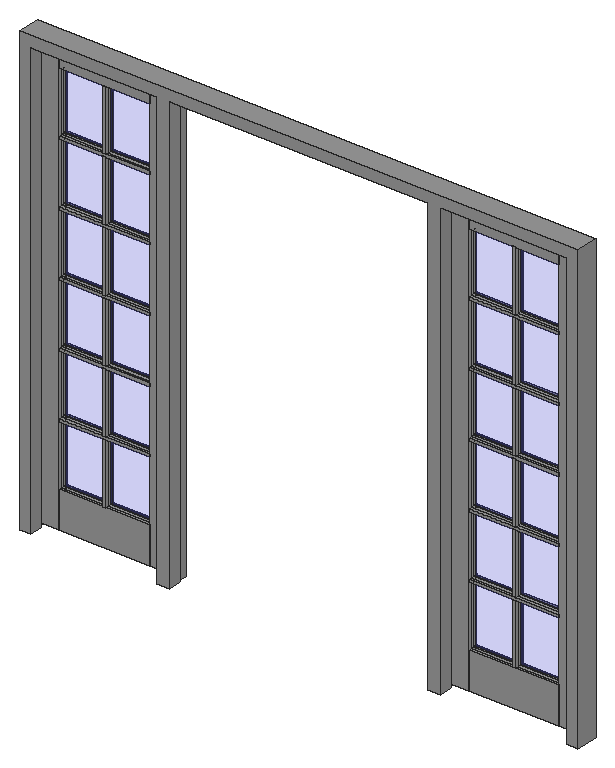
Revit family "VSLF 6 12 6", category Doors, host Wall, Revit 2013
Parameters (values of type "VSLF 6/12/6")
  Function = Interior
  Frame Projection Ext. = 25 mm
  Frame Projection Int. = 25 mm
  Frame Width = 75 mm
  Height = 2090 mm
  Wall Closure = By host
  Width = 2610 mm
Reference planes
  plane 1: y = 0
  plane 2 "Center (Left/Right)": x = 0
  plane 3 "Left": x = -1305
  plane 4 "Right": x = 1305
  plane 5: z = 2090
  plane 6 "Exterior": y = 75
  plane 7 "Interior": y = -75
Forms (mm)
  Sweep 1, solid, material "Lauan, Meranti"
    path origin (0, 75, 0) x (1, 0, 0) y (0, 0, 1)
      loop
        line (1305, 0) -> (1305, 2090) -> (-1305, 2090) -> (-1305, 0)
    profile "105x50 Door Frame : 105x50 Door Frame" origin (1305, 75, 1045) x (-1, 0, 0) y (0, -1, 0)
      loop
        line (0, 22.5) -> (38, 22.5) -> (38, 67.5) -> (50, 67.5) -> (50, 127.5) -> (0, 127.5) -> (0, 22.5)
  Extrusion 2, solid, material "Lauan, Meranti"
    sketch origin (1061.051, 140, 0) x (0, -1, 0) y (0, 0, 1)
      loop
        line (132.5, 20) -> (132.5, 191) -> (102.5, 191) -> (102.5, 200) -> (100.5, 200) -> (100.5, 198)
        arc (100.5, 198) -> (96.134, 195.67) -> (94.5, 191) r 6.807
        line (94.5, 191) -> (92.5, 191) -> (92.5, 20) -> (132.5, 20)
      loop
        line (102.5, 1956) -> (132.5, 1956) -> (132.5, 2052) -> (92.5, 2052) -> (92.5, 1956) -> (94.5, 1956)
        arc (94.5, 1956) -> (96.134, 1951.33) -> (100.5, 1949) r 6.807
        line (100.5, 1949) -> (100.5, 1947) -> (102.5, 1947) -> (102.5, 1956)
    from -109.949 to 314.051
  Extrusion 3, solid, material "Lauan, Meranti"
    sketch origin (1269, 55, 0) x (-1, 0, 0) y (0, -1, 0)
      loop
        line (522, 17.5) -> (513, 17.5) -> (513, 15.5) -> (515, 15.5)
        arc (515, 15.5) -> (517.33, 11.134) -> (522, 9.5) r 6.807
        line (522, 9.5) -> (522, 7.5) -> (618, 7.5) -> (618, 47.5) -> (522, 47.5) -> (522, 17.5)
      loop
        line (98, 17.5) -> (98, 47.5) -> (2, 47.5) -> (2, 7.5) -> (98, 7.5) -> (98, 9.5)
        arc (98, 9.5) -> (102.67, 11.134) -> (105, 15.5) r 6.807
        line (105, 15.5) -> (107, 15.5) -> (107, 17.5) -> (98, 17.5)
    from 20 to 2052
  Extrusion 4, solid, material "Lauan, Meranti"
    sketch origin (1269, 55, 1439.918) x (-1, 0, 0) y (0, -1, 0)
      loop
        line (294.5, 17.5) -> (294.5, 15.5) -> (296.5, 15.5)
        arc (296.5, 15.5) -> (298.83, 11.134) -> (303.5, 9.5) r 6.807
        line (303.5, 9.5) -> (303.5, 7.5) -> (316.5, 7.5) -> (316.5, 9.5)
        arc (316.5, 9.5) -> (321.17, 11.134) -> (323.5, 15.5) r 6.807
        line (323.5, 15.5) -> (325.5, 15.5) -> (325.5, 17.5) -> (316.5, 17.5) -> (316.5, 47.5) -> (303.5, 47.5) -> (303.5, 17.5) -> (294.5, 17.5)
    from 232.749 to 516.082
  Extrusion 5, solid, material "Lauan, Meranti"
    sketch origin (1269, 55, 0) x (0, -1, 0) y (0, 0, 1)
      loop
        line (17.5, 1650.667) -> (17.5, 1659.667) -> (47.5, 1659.667) -> (47.5, 1672.667) -> (17.5, 1672.667) -> (17.5, 1681.667) -> (15.5, 1681.667) -> (15.5, 1679.667)
        arc (15.5, 1679.667) -> (11.134, 1677.337) -> (9.5, 1672.667) r 6.807
        line (9.5, 1672.667) -> (7.5, 1672.667) -> (7.5, 1659.667) -> (9.5, 1659.667)
        arc (9.5, 1659.667) -> (11.134, 1654.996) -> (15.5, 1652.667) r 6.807
        line (15.5, 1652.667) -> (15.5, 1650.667) -> (17.5, 1650.667)
    from 98 to 522
  Extrusion 6, solid, material "Lauan, Meranti"
    sketch origin (1269, 55, 1143.584) x (-1, 0, 0) y (0, -1, 0)
      loop
        line (294.5, 17.5) -> (294.5, 15.5) -> (296.5, 15.5)
        arc (296.5, 15.5) -> (298.83, 11.134) -> (303.5, 9.5) r 6.807
        line (303.5, 9.5) -> (303.5, 7.5) -> (316.5, 7.5) -> (316.5, 9.5)
        arc (316.5, 9.5) -> (321.17, 11.134) -> (323.5, 15.5) r 6.807
        line (323.5, 15.5) -> (325.5, 15.5) -> (325.5, 17.5) -> (316.5, 17.5) -> (316.5, 47.5) -> (303.5, 47.5) -> (303.5, 17.5) -> (294.5, 17.5)
    from 232.749 to 516.082
  Extrusion 7, solid, material "Lauan, Meranti"
    sketch origin (1269, 55, 847.251) x (-1, 0, 0) y (0, -1, 0)
      loop
        line (294.5, 17.5) -> (294.5, 15.5) -> (296.5, 15.5)
        arc (296.5, 15.5) -> (298.83, 11.134) -> (303.5, 9.5) r 6.807
        line (303.5, 9.5) -> (303.5, 7.5) -> (316.5, 7.5) -> (316.5, 9.5)
        arc (316.5, 9.5) -> (321.17, 11.134) -> (323.5, 15.5) r 6.807
        line (323.5, 15.5) -> (325.5, 15.5) -> (325.5, 17.5) -> (316.5, 17.5) -> (316.5, 47.5) -> (303.5, 47.5) -> (303.5, 17.5) -> (294.5, 17.5)
    from 232.749 to 516.082
  Extrusion 8, solid, material "Lauan, Meranti"
    sketch origin (1269, 55, 550.918) x (-1, 0, 0) y (0, -1, 0)
      loop
        line (294.5, 17.5) -> (294.5, 15.5) -> (296.5, 15.5)
        arc (296.5, 15.5) -> (298.83, 11.134) -> (303.5, 9.5) r 6.807
        line (303.5, 9.5) -> (303.5, 7.5) -> (316.5, 7.5) -> (316.5, 9.5)
        arc (316.5, 9.5) -> (321.17, 11.134) -> (323.5, 15.5) r 6.807
        line (323.5, 15.5) -> (325.5, 15.5) -> (325.5, 17.5) -> (316.5, 17.5) -> (316.5, 47.5) -> (303.5, 47.5) -> (303.5, 17.5) -> (294.5, 17.5)
    from 232.749 to 516.082
  Extrusion 9, solid, material "Lauan, Meranti"
    sketch origin (1269, 55, 254.584) x (-1, 0, 0) y (0, -1, 0)
      loop
        line (294.5, 17.5) -> (294.5, 15.5) -> (296.5, 15.5)
        arc (296.5, 15.5) -> (298.83, 11.134) -> (303.5, 9.5) r 6.807
        line (303.5, 9.5) -> (303.5, 7.5) -> (316.5, 7.5) -> (316.5, 9.5)
        arc (316.5, 9.5) -> (321.17, 11.134) -> (323.5, 15.5) r 6.807
        line (323.5, 15.5) -> (325.5, 15.5) -> (325.5, 17.5) -> (316.5, 17.5) -> (316.5, 47.5) -> (303.5, 47.5) -> (303.5, 17.5) -> (294.5, 17.5)
    from 232.749 to 516.082
  Extrusion 10, solid, material "Lauan, Meranti"
    sketch origin (1269, 55, -41.749) x (-1, 0, 0) y (0, -1, 0)
      loop
        line (294.5, 17.5) -> (294.5, 15.5) -> (296.5, 15.5)
        arc (296.5, 15.5) -> (298.83, 11.134) -> (303.5, 9.5) r 6.807
        line (303.5, 9.5) -> (303.5, 7.5) -> (316.5, 7.5) -> (316.5, 9.5)
        arc (316.5, 9.5) -> (321.17, 11.134) -> (323.5, 15.5) r 6.807
        line (323.5, 15.5) -> (325.5, 15.5) -> (325.5, 17.5) -> (316.5, 17.5) -> (316.5, 47.5) -> (303.5, 47.5) -> (303.5, 17.5) -> (294.5, 17.5)
    from 232.749 to 516.082
  Extrusion 11, solid, material "Glass"
    sketch origin (1269, -20, -1481.667) x (-1, 0, 0) y (0, 0, 1)
      loop
        line (522, 1956) -> (316.5, 1956) -> (316.5, 1672.667) -> (522, 1672.667) -> (522, 1956)
    from 49.5 to 57.5
  Extrusion 12, solid, material "Glass"
    sketch origin (1484.5, -20, -1481.667) x (-1, 0, 0) y (0, 0, 1)
      loop
        line (519, 1956) -> (313.5, 1956) -> (313.5, 1672.667) -> (519, 1672.667) -> (519, 1956)
    from 49.5 to 57.5
  Sweep 13, solid, material "Lauan, Meranti"
    path origin (1269, -20, -1481.656) x (-1, 0, 0) y (0, 0, 1)
      loop
        line (522, 1956) -> (316.5, 1956) -> (316.5, 1672.667) -> (522, 1672.667) -> (522, 1956)
    profile origin (849.75, -20, 474.344) x (0, 0, -1) y (0, 1, 0)
      loop
        line (9, 49.5) -> (0, 49.5) -> (0, 41.5)
        arc (0, 41.5) -> (4.67, 43.134) -> (7, 47.5) r 6.807
        line (7, 47.5) -> (9, 47.5) -> (9, 49.5)
  Sweep 14, solid, material "Lauan, Meranti"
    path origin (1484.5, -20, -1481.656) x (-1, 0, 0) y (0, 0, 1)
      loop
        line (519, 1956) -> (313.5, 1956) -> (313.5, 1672.667) -> (519, 1672.667) -> (519, 1956)
    profile origin (1068.25, -20, 474.344) x (0, 0, -1) y (0, 1, 0)
      loop
        line (9, 49.5) -> (0, 49.5) -> (0, 41.5)
        arc (0, 41.5) -> (4.67, 43.134) -> (7, 47.5) r 6.807
        line (7, 47.5) -> (9, 47.5) -> (9, 49.5)
  Extrusion 15, solid, material "Lauan, Meranti"
    sketch origin (97, 0, 0) x (1, 0, 0) y (0, 1, 0)
      loop
        line (-760, -52.5) -> (-700, -52.5) -> (-700, 7.5) -> (-712, 7.5) -> (-712, 52.5) -> (-748, 52.5) -> (-748, 7.5) -> (-760, 7.5) -> (-760, -52.5)
    from 0 to 2052
  Extrusion 16, solid, material "Lauan, Meranti"
    sketch origin (-97, 0, 0) x (-1, 0, 0) y (0, -1, 0)
      loop
        line (-760, 52.5) -> (-760, -7.5) -> (-748, -7.5) -> (-748, -52.5) -> (-712, -52.5) -> (-712, -7.5) -> (-700, -7.5) -> (-700, 52.5) -> (-760, 52.5)
    from 0 to 2052
  Extrusion 17, solid, material "Lauan, Meranti"
    sketch origin (1269, 55, -296.333) x (0, -1, 0) y (0, 0, 1)
      loop
        line (17.5, 1650.667) -> (17.5, 1659.667) -> (47.5, 1659.667) -> (47.5, 1672.667) -> (17.5, 1672.667) -> (17.5, 1681.667) -> (15.5, 1681.667) -> (15.5, 1679.667)
        arc (15.5, 1679.667) -> (11.134, 1677.337) -> (9.5, 1672.667) r 6.807
        line (9.5, 1672.667) -> (7.5, 1672.667) -> (7.5, 1659.667) -> (9.5, 1659.667)
        arc (9.5, 1659.667) -> (11.134, 1654.996) -> (15.5, 1652.667) r 6.807
        line (15.5, 1652.667) -> (15.5, 1650.667) -> (17.5, 1650.667)
    from 98 to 522
  Extrusion 18, solid, material "Lauan, Meranti"
    sketch origin (1269, 55, -592.667) x (0, -1, 0) y (0, 0, 1)
      loop
        line (17.5, 1650.667) -> (17.5, 1659.667) -> (47.5, 1659.667) -> (47.5, 1672.667) -> (17.5, 1672.667) -> (17.5, 1681.667) -> (15.5, 1681.667) -> (15.5, 1679.667)
        arc (15.5, 1679.667) -> (11.134, 1677.337) -> (9.5, 1672.667) r 6.807
        line (9.5, 1672.667) -> (7.5, 1672.667) -> (7.5, 1659.667) -> (9.5, 1659.667)
        arc (9.5, 1659.667) -> (11.134, 1654.996) -> (15.5, 1652.667) r 6.807
        line (15.5, 1652.667) -> (15.5, 1650.667) -> (17.5, 1650.667)
    from 98 to 522
  Extrusion 19, solid, material "Lauan, Meranti"
    sketch origin (1269, 55, -889) x (0, -1, 0) y (0, 0, 1)
      loop
        line (17.5, 1650.667) -> (17.5, 1659.667) -> (47.5, 1659.667) -> (47.5, 1672.667) -> (17.5, 1672.667) -> (17.5, 1681.667) -> (15.5, 1681.667) -> (15.5, 1679.667)
        arc (15.5, 1679.667) -> (11.134, 1677.337) -> (9.5, 1672.667) r 6.807
        line (9.5, 1672.667) -> (7.5, 1672.667) -> (7.5, 1659.667) -> (9.5, 1659.667)
        arc (9.5, 1659.667) -> (11.134, 1654.996) -> (15.5, 1652.667) r 6.807
        line (15.5, 1652.667) -> (15.5, 1650.667) -> (17.5, 1650.667)
    from 98 to 522
  Extrusion 20, solid, material "Lauan, Meranti"
    sketch origin (1269, 55, -1185.333) x (0, -1, 0) y (0, 0, 1)
      loop
        line (17.5, 1650.667) -> (17.5, 1659.667) -> (47.5, 1659.667) -> (47.5, 1672.667) -> (17.5, 1672.667) -> (17.5, 1681.667) -> (15.5, 1681.667) -> (15.5, 1679.667)
        arc (15.5, 1679.667) -> (11.134, 1677.337) -> (9.5, 1672.667) r 6.807
        line (9.5, 1672.667) -> (7.5, 1672.667) -> (7.5, 1659.667) -> (9.5, 1659.667)
        arc (9.5, 1659.667) -> (11.134, 1654.996) -> (15.5, 1652.667) r 6.807
        line (15.5, 1652.667) -> (15.5, 1650.667) -> (17.5, 1650.667)
    from 98 to 522
  Extrusion 21, solid, material "Glass"
    sketch origin (1269, -20, -1185.333) x (-1, 0, 0) y (0, 0, 1)
      loop
        line (522, 1956) -> (316.5, 1956) -> (316.5, 1672.667) -> (522, 1672.667) -> (522, 1956)
    from 49.5 to 57.5
  Extrusion 22, solid, material "Glass"
    sketch origin (1484.5, -20, -1185.333) x (-1, 0, 0) y (0, 0, 1)
      loop
        line (519, 1956) -> (313.5, 1956) -> (313.5, 1672.667) -> (519, 1672.667) -> (519, 1956)
    from 49.5 to 57.5
  Extrusion 23, solid, material "Glass"
    sketch origin (1269, -20, -889) x (-1, 0, 0) y (0, 0, 1)
      loop
        line (522, 1956) -> (316.5, 1956) -> (316.5, 1672.667) -> (522, 1672.667) -> (522, 1956)
    from 49.5 to 57.5
  Extrusion 24, solid, material "Glass"
    sketch origin (1484.5, -20, -889) x (-1, 0, 0) y (0, 0, 1)
      loop
        line (519, 1956) -> (313.5, 1956) -> (313.5, 1672.667) -> (519, 1672.667) -> (519, 1956)
    from 49.5 to 57.5
  Extrusion 25, solid, material "Glass"
    sketch origin (1269, -20, -592.667) x (-1, 0, 0) y (0, 0, 1)
      loop
        line (522, 1956) -> (316.5, 1956) -> (316.5, 1672.667) -> (522, 1672.667) -> (522, 1956)
    from 49.5 to 57.5
  Extrusion 26, solid, material "Glass"
    sketch origin (1484.5, -20, -592.667) x (-1, 0, 0) y (0, 0, 1)
      loop
        line (519, 1956) -> (313.5, 1956) -> (313.5, 1672.667) -> (519, 1672.667) -> (519, 1956)
    from 49.5 to 57.5
  Extrusion 27, solid, material "Glass"
    sketch origin (1269, -20, -296.333) x (-1, 0, 0) y (0, 0, 1)
      loop
        line (522, 1956) -> (316.5, 1956) -> (316.5, 1672.667) -> (522, 1672.667) -> (522, 1956)
    from 49.5 to 57.5
  Extrusion 28, solid, material "Glass"
    sketch origin (1484.5, -20, -296.333) x (-1, 0, 0) y (0, 0, 1)
      loop
        line (519, 1956) -> (313.5, 1956) -> (313.5, 1672.667) -> (519, 1672.667) -> (519, 1956)
    from 49.5 to 57.5
  Extrusion 29, solid, material "Glass"
    sketch origin (1269, -20, 0) x (-1, 0, 0) y (0, 0, 1)
      loop
        line (522, 1956) -> (316.5, 1956) -> (316.5, 1672.667) -> (522, 1672.667) -> (522, 1956)
    from 49.5 to 57.5
  Extrusion 30, solid, material "Glass"
    sketch origin (1484.5, -20, 0) x (-1, 0, 0) y (0, 0, 1)
      loop
        line (519, 1956) -> (313.5, 1956) -> (313.5, 1672.667) -> (519, 1672.667) -> (519, 1956)
    from 49.5 to 57.5
  Sweep 31, solid, material "Lauan, Meranti"
    path origin (1269, -20, -1185.322) x (-1, 0, 0) y (0, 0, 1)
      loop
        line (522, 1956) -> (316.5, 1956) -> (316.5, 1672.667) -> (522, 1672.667) -> (522, 1956)
    profile origin (849.75, -20, 770.678) x (0, 0, -1) y (0, 1, 0)
      loop
        line (9, 49.5) -> (0, 49.5) -> (0, 41.5)
        arc (0, 41.5) -> (4.67, 43.134) -> (7, 47.5) r 6.807
        line (7, 47.5) -> (9, 47.5) -> (9, 49.5)
  Sweep 32, solid, material "Lauan, Meranti"
    path origin (1484.5, -20, -1185.322) x (-1, 0, 0) y (0, 0, 1)
      loop
        line (519, 1956) -> (313.5, 1956) -> (313.5, 1672.667) -> (519, 1672.667) -> (519, 1956)
    profile origin (1068.25, -20, 770.678) x (0, 0, -1) y (0, 1, 0)
      loop
        line (9, 49.5) -> (0, 49.5) -> (0, 41.5)
        arc (0, 41.5) -> (4.67, 43.134) -> (7, 47.5) r 6.807
        line (7, 47.5) -> (9, 47.5) -> (9, 49.5)
  Sweep 33, solid, material "Lauan, Meranti"
    path origin (1269, -20, -888.989) x (-1, 0, 0) y (0, 0, 1)
      loop
        line (522, 1956) -> (316.5, 1956) -> (316.5, 1672.667) -> (522, 1672.667) -> (522, 1956)
    profile origin (849.75, -20, 1067.011) x (0, 0, -1) y (0, 1, 0)
      loop
        line (9, 49.5) -> (0, 49.5) -> (0, 41.5)
        arc (0, 41.5) -> (4.67, 43.134) -> (7, 47.5) r 6.807
        line (7, 47.5) -> (9, 47.5) -> (9, 49.5)
  Sweep 34, solid, material "Lauan, Meranti"
    path origin (1484.5, -20, -888.989) x (-1, 0, 0) y (0, 0, 1)
      loop
        line (519, 1956) -> (313.5, 1956) -> (313.5, 1672.667) -> (519, 1672.667) -> (519, 1956)
    profile origin (1068.25, -20, 1067.011) x (0, 0, -1) y (0, 1, 0)
      loop
        line (9, 49.5) -> (0, 49.5) -> (0, 41.5)
        arc (0, 41.5) -> (4.67, 43.134) -> (7, 47.5) r 6.807
        line (7, 47.5) -> (9, 47.5) -> (9, 49.5)
  Sweep 35, solid, material "Lauan, Meranti"
    path origin (1269, -20, -592.656) x (-1, 0, 0) y (0, 0, 1)
      loop
        line (522, 1956) -> (316.5, 1956) -> (316.5, 1672.667) -> (522, 1672.667) -> (522, 1956)
    profile origin (849.75, -20, 1363.344) x (0, 0, -1) y (0, 1, 0)
      loop
        line (9, 49.5) -> (0, 49.5) -> (0, 41.5)
        arc (0, 41.5) -> (4.67, 43.134) -> (7, 47.5) r 6.807
        line (7, 47.5) -> (9, 47.5) -> (9, 49.5)
  Sweep 36, solid, material "Lauan, Meranti"
    path origin (1484.5, -20, -592.656) x (-1, 0, 0) y (0, 0, 1)
      loop
        line (519, 1956) -> (313.5, 1956) -> (313.5, 1672.667) -> (519, 1672.667) -> (519, 1956)
    profile origin (1068.25, -20, 1363.344) x (0, 0, -1) y (0, 1, 0)
      loop
        line (9, 49.5) -> (0, 49.5) -> (0, 41.5)
        arc (0, 41.5) -> (4.67, 43.134) -> (7, 47.5) r 6.807
        line (7, 47.5) -> (9, 47.5) -> (9, 49.5)
  Sweep 37, solid, material "Lauan, Meranti"
    path origin (1269, -20, -296.322) x (-1, 0, 0) y (0, 0, 1)
      loop
        line (522, 1956) -> (316.5, 1956) -> (316.5, 1672.667) -> (522, 1672.667) -> (522, 1956)
    profile origin (849.75, -20, 1659.678) x (0, 0, -1) y (0, 1, 0)
      loop
        line (9, 49.5) -> (0, 49.5) -> (0, 41.5)
        arc (0, 41.5) -> (4.67, 43.134) -> (7, 47.5) r 6.807
        line (7, 47.5) -> (9, 47.5) -> (9, 49.5)
  Sweep 38, solid, material "Lauan, Meranti"
    path origin (1484.5, -20, -296.322) x (-1, 0, 0) y (0, 0, 1)
      loop
        line (519, 1956) -> (313.5, 1956) -> (313.5, 1672.667) -> (519, 1672.667) -> (519, 1956)
    profile origin (1068.25, -20, 1659.678) x (0, 0, -1) y (0, 1, 0)
      loop
        line (9, 49.5) -> (0, 49.5) -> (0, 41.5)
        arc (0, 41.5) -> (4.67, 43.134) -> (7, 47.5) r 6.807
        line (7, 47.5) -> (9, 47.5) -> (9, 49.5)
  Sweep 39, solid, material "Lauan, Meranti"
    path origin (1269, -20, 0.011) x (-1, 0, 0) y (0, 0, 1)
      loop
        line (522, 1956) -> (316.5, 1956) -> (316.5, 1672.667) -> (522, 1672.667) -> (522, 1956)
    profile origin (849.75, -20, 1956.011) x (0, 0, -1) y (0, 1, 0)
      loop
        line (9, 49.5) -> (0, 49.5) -> (0, 41.5)
        arc (0, 41.5) -> (4.67, 43.134) -> (7, 47.5) r 6.807
        line (7, 47.5) -> (9, 47.5) -> (9, 49.5)
  Sweep 40, solid, material "Lauan, Meranti"
    path origin (1484.5, -20, 0.011) x (-1, 0, 0) y (0, 0, 1)
      loop
        line (519, 1956) -> (313.5, 1956) -> (313.5, 1672.667) -> (519, 1672.667) -> (519, 1956)
    profile origin (1068.25, -20, 1956.011) x (0, 0, -1) y (0, 1, 0)
      loop
        line (9, 49.5) -> (0, 49.5) -> (0, 41.5)
        arc (0, 41.5) -> (4.67, 43.134) -> (7, 47.5) r 6.807
        line (7, 47.5) -> (9, 47.5) -> (9, 49.5)
  Extrusion 41, solid, material "Lauan, Meranti"
    sketch origin (-856.949, 140, 0) x (0, -1, 0) y (0, 0, 1)
      loop
        line (132.5, 20) -> (132.5, 191) -> (102.5, 191) -> (102.5, 200) -> (100.5, 200) -> (100.5, 198)
        arc (100.5, 198) -> (96.134, 195.67) -> (94.5, 191) r 6.807
        line (94.5, 191) -> (92.5, 191) -> (92.5, 20) -> (132.5, 20)
      loop
        line (102.5, 1956) -> (132.5, 1956) -> (132.5, 2052) -> (92.5, 2052) -> (92.5, 1956) -> (94.5, 1956)
        arc (94.5, 1956) -> (96.134, 1951.33) -> (100.5, 1949) r 6.807
        line (100.5, 1949) -> (100.5, 1947) -> (102.5, 1947) -> (102.5, 1956)
    from -109.949 to 314.051
  Extrusion 42, solid, material "Lauan, Meranti"
    sketch origin (-649, 55, 0) x (-1, 0, 0) y (0, -1, 0)
      loop
        line (522, 17.5) -> (513, 17.5) -> (513, 15.5) -> (515, 15.5)
        arc (515, 15.5) -> (517.33, 11.134) -> (522, 9.5) r 6.807
        line (522, 9.5) -> (522, 7.5) -> (618, 7.5) -> (618, 47.5) -> (522, 47.5) -> (522, 17.5)
      loop
        line (98, 17.5) -> (98, 47.5) -> (2, 47.5) -> (2, 7.5) -> (98, 7.5) -> (98, 9.5)
        arc (98, 9.5) -> (102.67, 11.134) -> (105, 15.5) r 6.807
        line (105, 15.5) -> (107, 15.5) -> (107, 17.5) -> (98, 17.5)
    from 20 to 2052
  Extrusion 43, solid, material "Lauan, Meranti"
    sketch origin (-649, 55, 1439.918) x (-1, 0, 0) y (0, -1, 0)
      loop
        line (294.5, 17.5) -> (294.5, 15.5) -> (296.5, 15.5)
        arc (296.5, 15.5) -> (298.83, 11.134) -> (303.5, 9.5) r 6.807
        line (303.5, 9.5) -> (303.5, 7.5) -> (316.5, 7.5) -> (316.5, 9.5)
        arc (316.5, 9.5) -> (321.17, 11.134) -> (323.5, 15.5) r 6.807
        line (323.5, 15.5) -> (325.5, 15.5) -> (325.5, 17.5) -> (316.5, 17.5) -> (316.5, 47.5) -> (303.5, 47.5) -> (303.5, 17.5) -> (294.5, 17.5)
    from 232.749 to 516.082
  Extrusion 44, solid, material "Lauan, Meranti"
    sketch origin (-649, 55, 0) x (0, -1, 0) y (0, 0, 1)
      loop
        line (17.5, 1650.667) -> (17.5, 1659.667) -> (47.5, 1659.667) -> (47.5, 1672.667) -> (17.5, 1672.667) -> (17.5, 1681.667) -> (15.5, 1681.667) -> (15.5, 1679.667)
        arc (15.5, 1679.667) -> (11.134, 1677.337) -> (9.5, 1672.667) r 6.807
        line (9.5, 1672.667) -> (7.5, 1672.667) -> (7.5, 1659.667) -> (9.5, 1659.667)
        arc (9.5, 1659.667) -> (11.134, 1654.996) -> (15.5, 1652.667) r 6.807
        line (15.5, 1652.667) -> (15.5, 1650.667) -> (17.5, 1650.667)
    from 98 to 522
  Extrusion 45, solid, material "Lauan, Meranti"
    sketch origin (-649, 55, 1143.584) x (-1, 0, 0) y (0, -1, 0)
      loop
        line (294.5, 17.5) -> (294.5, 15.5) -> (296.5, 15.5)
        arc (296.5, 15.5) -> (298.83, 11.134) -> (303.5, 9.5) r 6.807
        line (303.5, 9.5) -> (303.5, 7.5) -> (316.5, 7.5) -> (316.5, 9.5)
        arc (316.5, 9.5) -> (321.17, 11.134) -> (323.5, 15.5) r 6.807
        line (323.5, 15.5) -> (325.5, 15.5) -> (325.5, 17.5) -> (316.5, 17.5) -> (316.5, 47.5) -> (303.5, 47.5) -> (303.5, 17.5) -> (294.5, 17.5)
    from 232.749 to 516.082
  Extrusion 46, solid, material "Lauan, Meranti"
    sketch origin (-649, 55, 847.251) x (-1, 0, 0) y (0, -1, 0)
      loop
        line (294.5, 17.5) -> (294.5, 15.5) -> (296.5, 15.5)
        arc (296.5, 15.5) -> (298.83, 11.134) -> (303.5, 9.5) r 6.807
        line (303.5, 9.5) -> (303.5, 7.5) -> (316.5, 7.5) -> (316.5, 9.5)
        arc (316.5, 9.5) -> (321.17, 11.134) -> (323.5, 15.5) r 6.807
        line (323.5, 15.5) -> (325.5, 15.5) -> (325.5, 17.5) -> (316.5, 17.5) -> (316.5, 47.5) -> (303.5, 47.5) -> (303.5, 17.5) -> (294.5, 17.5)
    from 232.749 to 516.082
  Extrusion 47, solid, material "Lauan, Meranti"
    sketch origin (-649, 55, 550.918) x (-1, 0, 0) y (0, -1, 0)
      loop
        line (294.5, 17.5) -> (294.5, 15.5) -> (296.5, 15.5)
        arc (296.5, 15.5) -> (298.83, 11.134) -> (303.5, 9.5) r 6.807
        line (303.5, 9.5) -> (303.5, 7.5) -> (316.5, 7.5) -> (316.5, 9.5)
        arc (316.5, 9.5) -> (321.17, 11.134) -> (323.5, 15.5) r 6.807
        line (323.5, 15.5) -> (325.5, 15.5) -> (325.5, 17.5) -> (316.5, 17.5) -> (316.5, 47.5) -> (303.5, 47.5) -> (303.5, 17.5) -> (294.5, 17.5)
    from 232.749 to 516.082
  Extrusion 48, solid, material "Lauan, Meranti"
    sketch origin (-649, 55, 254.584) x (-1, 0, 0) y (0, -1, 0)
      loop
        line (294.5, 17.5) -> (294.5, 15.5) -> (296.5, 15.5)
        arc (296.5, 15.5) -> (298.83, 11.134) -> (303.5, 9.5) r 6.807
        line (303.5, 9.5) -> (303.5, 7.5) -> (316.5, 7.5) -> (316.5, 9.5)
        arc (316.5, 9.5) -> (321.17, 11.134) -> (323.5, 15.5) r 6.807
        line (323.5, 15.5) -> (325.5, 15.5) -> (325.5, 17.5) -> (316.5, 17.5) -> (316.5, 47.5) -> (303.5, 47.5) -> (303.5, 17.5) -> (294.5, 17.5)
    from 232.749 to 516.082
  Extrusion 49, solid, material "Lauan, Meranti"
    sketch origin (-649, 55, -41.749) x (-1, 0, 0) y (0, -1, 0)
      loop
        line (294.5, 17.5) -> (294.5, 15.5) -> (296.5, 15.5)
        arc (296.5, 15.5) -> (298.83, 11.134) -> (303.5, 9.5) r 6.807
        line (303.5, 9.5) -> (303.5, 7.5) -> (316.5, 7.5) -> (316.5, 9.5)
        arc (316.5, 9.5) -> (321.17, 11.134) -> (323.5, 15.5) r 6.807
        line (323.5, 15.5) -> (325.5, 15.5) -> (325.5, 17.5) -> (316.5, 17.5) -> (316.5, 47.5) -> (303.5, 47.5) -> (303.5, 17.5) -> (294.5, 17.5)
    from 232.749 to 516.082
  Extrusion 50, solid, material "Glass"
    sketch origin (-649, -20, -1481.667) x (-1, 0, 0) y (0, 0, 1)
      loop
        line (522, 1956) -> (316.5, 1956) -> (316.5, 1672.667) -> (522, 1672.667) -> (522, 1956)
    from 49.5 to 57.5
  Extrusion 51, solid, material "Glass"
    sketch origin (-433.5, -20, -1481.667) x (-1, 0, 0) y (0, 0, 1)
      loop
        line (519, 1956) -> (313.5, 1956) -> (313.5, 1672.667) -> (519, 1672.667) -> (519, 1956)
    from 49.5 to 57.5
  Sweep 52, solid, material "Lauan, Meranti"
    path origin (-649, -20, -1481.656) x (-1, 0, 0) y (0, 0, 1)
      loop
        line (522, 1956) -> (316.5, 1956) -> (316.5, 1672.667) -> (522, 1672.667) -> (522, 1956)
    profile origin (-1068.25, -20, 474.344) x (0, 0, -1) y (0, 1, 0)
      loop
        line (9, 49.5) -> (0, 49.5) -> (0, 41.5)
        arc (0, 41.5) -> (4.67, 43.134) -> (7, 47.5) r 6.807
        line (7, 47.5) -> (9, 47.5) -> (9, 49.5)
  Sweep 53, solid, material "Lauan, Meranti"
    path origin (-433.5, -20, -1481.656) x (-1, 0, 0) y (0, 0, 1)
      loop
        line (519, 1956) -> (313.5, 1956) -> (313.5, 1672.667) -> (519, 1672.667) -> (519, 1956)
    profile origin (-849.75, -20, 474.344) x (0, 0, -1) y (0, 1, 0)
      loop
        line (9, 49.5) -> (0, 49.5) -> (0, 41.5)
        arc (0, 41.5) -> (4.67, 43.134) -> (7, 47.5) r 6.807
        line (7, 47.5) -> (9, 47.5) -> (9, 49.5)
  Extrusion 54, solid, material "Lauan, Meranti"
    sketch origin (-649, 55, -296.333) x (0, -1, 0) y (0, 0, 1)
      loop
        line (17.5, 1650.667) -> (17.5, 1659.667) -> (47.5, 1659.667) -> (47.5, 1672.667) -> (17.5, 1672.667) -> (17.5, 1681.667) -> (15.5, 1681.667) -> (15.5, 1679.667)
        arc (15.5, 1679.667) -> (11.134, 1677.337) -> (9.5, 1672.667) r 6.807
        line (9.5, 1672.667) -> (7.5, 1672.667) -> (7.5, 1659.667) -> (9.5, 1659.667)
        arc (9.5, 1659.667) -> (11.134, 1654.996) -> (15.5, 1652.667) r 6.807
        line (15.5, 1652.667) -> (15.5, 1650.667) -> (17.5, 1650.667)
    from 98 to 522
  Extrusion 55, solid, material "Lauan, Meranti"
    sketch origin (-649, 55, -592.667) x (0, -1, 0) y (0, 0, 1)
      loop
        line (17.5, 1650.667) -> (17.5, 1659.667) -> (47.5, 1659.667) -> (47.5, 1672.667) -> (17.5, 1672.667) -> (17.5, 1681.667) -> (15.5, 1681.667) -> (15.5, 1679.667)
        arc (15.5, 1679.667) -> (11.134, 1677.337) -> (9.5, 1672.667) r 6.807
        line (9.5, 1672.667) -> (7.5, 1672.667) -> (7.5, 1659.667) -> (9.5, 1659.667)
        arc (9.5, 1659.667) -> (11.134, 1654.996) -> (15.5, 1652.667) r 6.807
        line (15.5, 1652.667) -> (15.5, 1650.667) -> (17.5, 1650.667)
    from 98 to 522
  Extrusion 56, solid, material "Lauan, Meranti"
    sketch origin (-649, 55, -889) x (0, -1, 0) y (0, 0, 1)
      loop
        line (17.5, 1650.667) -> (17.5, 1659.667) -> (47.5, 1659.667) -> (47.5, 1672.667) -> (17.5, 1672.667) -> (17.5, 1681.667) -> (15.5, 1681.667) -> (15.5, 1679.667)
        arc (15.5, 1679.667) -> (11.134, 1677.337) -> (9.5, 1672.667) r 6.807
        line (9.5, 1672.667) -> (7.5, 1672.667) -> (7.5, 1659.667) -> (9.5, 1659.667)
        arc (9.5, 1659.667) -> (11.134, 1654.996) -> (15.5, 1652.667) r 6.807
        line (15.5, 1652.667) -> (15.5, 1650.667) -> (17.5, 1650.667)
    from 98 to 522
  Extrusion 57, solid, material "Lauan, Meranti"
    sketch origin (-649, 55, -1185.333) x (0, -1, 0) y (0, 0, 1)
      loop
        line (17.5, 1650.667) -> (17.5, 1659.667) -> (47.5, 1659.667) -> (47.5, 1672.667) -> (17.5, 1672.667) -> (17.5, 1681.667) -> (15.5, 1681.667) -> (15.5, 1679.667)
        arc (15.5, 1679.667) -> (11.134, 1677.337) -> (9.5, 1672.667) r 6.807
        line (9.5, 1672.667) -> (7.5, 1672.667) -> (7.5, 1659.667) -> (9.5, 1659.667)
        arc (9.5, 1659.667) -> (11.134, 1654.996) -> (15.5, 1652.667) r 6.807
        line (15.5, 1652.667) -> (15.5, 1650.667) -> (17.5, 1650.667)
    from 98 to 522
  Extrusion 58, solid, material "Glass"
    sketch origin (-649, -20, -1185.333) x (-1, 0, 0) y (0, 0, 1)
      loop
        line (522, 1956) -> (316.5, 1956) -> (316.5, 1672.667) -> (522, 1672.667) -> (522, 1956)
    from 49.5 to 57.5
  Extrusion 59, solid, material "Glass"
    sketch origin (-433.5, -20, -1185.333) x (-1, 0, 0) y (0, 0, 1)
      loop
        line (519, 1956) -> (313.5, 1956) -> (313.5, 1672.667) -> (519, 1672.667) -> (519, 1956)
    from 49.5 to 57.5
  Extrusion 60, solid, material "Glass"
    sketch origin (-649, -20, -889) x (-1, 0, 0) y (0, 0, 1)
      loop
        line (522, 1956) -> (316.5, 1956) -> (316.5, 1672.667) -> (522, 1672.667) -> (522, 1956)
    from 49.5 to 57.5
  Extrusion 61, solid, material "Glass"
    sketch origin (-433.5, -20, -889) x (-1, 0, 0) y (0, 0, 1)
      loop
        line (519, 1956) -> (313.5, 1956) -> (313.5, 1672.667) -> (519, 1672.667) -> (519, 1956)
    from 49.5 to 57.5
  Extrusion 62, solid, material "Glass"
    sketch origin (-649, -20, -592.667) x (-1, 0, 0) y (0, 0, 1)
      loop
        line (522, 1956) -> (316.5, 1956) -> (316.5, 1672.667) -> (522, 1672.667) -> (522, 1956)
    from 49.5 to 57.5
  Extrusion 63, solid, material "Glass"
    sketch origin (-433.5, -20, -592.667) x (-1, 0, 0) y (0, 0, 1)
      loop
        line (519, 1956) -> (313.5, 1956) -> (313.5, 1672.667) -> (519, 1672.667) -> (519, 1956)
    from 49.5 to 57.5
  Extrusion 64, solid, material "Glass"
    sketch origin (-649, -20, -296.333) x (-1, 0, 0) y (0, 0, 1)
      loop
        line (522, 1956) -> (316.5, 1956) -> (316.5, 1672.667) -> (522, 1672.667) -> (522, 1956)
    from 49.5 to 57.5
  Extrusion 65, solid, material "Glass"
    sketch origin (-433.5, -20, -296.333) x (-1, 0, 0) y (0, 0, 1)
      loop
        line (519, 1956) -> (313.5, 1956) -> (313.5, 1672.667) -> (519, 1672.667) -> (519, 1956)
    from 49.5 to 57.5
  Extrusion 66, solid, material "Glass"
    sketch origin (-649, -20, 0) x (-1, 0, 0) y (0, 0, 1)
      loop
        line (522, 1956) -> (316.5, 1956) -> (316.5, 1672.667) -> (522, 1672.667) -> (522, 1956)
    from 49.5 to 57.5
  Extrusion 67, solid, material "Glass"
    sketch origin (-433.5, -20, 0) x (-1, 0, 0) y (0, 0, 1)
      loop
        line (519, 1956) -> (313.5, 1956) -> (313.5, 1672.667) -> (519, 1672.667) -> (519, 1956)
    from 49.5 to 57.5
  Sweep 68, solid, material "Lauan, Meranti"
    path origin (-649, -20, -1185.322) x (-1, 0, 0) y (0, 0, 1)
      loop
        line (522, 1956) -> (316.5, 1956) -> (316.5, 1672.667) -> (522, 1672.667) -> (522, 1956)
    profile origin (-1068.25, -20, 770.678) x (0, 0, -1) y (0, 1, 0)
      loop
        line (9, 49.5) -> (0, 49.5) -> (0, 41.5)
        arc (0, 41.5) -> (4.67, 43.134) -> (7, 47.5) r 6.807
        line (7, 47.5) -> (9, 47.5) -> (9, 49.5)
  Sweep 69, solid, material "Lauan, Meranti"
    path origin (-433.5, -20, -1185.322) x (-1, 0, 0) y (0, 0, 1)
      loop
        line (519, 1956) -> (313.5, 1956) -> (313.5, 1672.667) -> (519, 1672.667) -> (519, 1956)
    profile origin (-849.75, -20, 770.678) x (0, 0, -1) y (0, 1, 0)
      loop
        line (9, 49.5) -> (0, 49.5) -> (0, 41.5)
        arc (0, 41.5) -> (4.67, 43.134) -> (7, 47.5) r 6.807
        line (7, 47.5) -> (9, 47.5) -> (9, 49.5)
  Sweep 70, solid, material "Lauan, Meranti"
    path origin (-649, -20, -888.989) x (-1, 0, 0) y (0, 0, 1)
      loop
        line (522, 1956) -> (316.5, 1956) -> (316.5, 1672.667) -> (522, 1672.667) -> (522, 1956)
    profile origin (-1068.25, -20, 1067.011) x (0, 0, -1) y (0, 1, 0)
      loop
        line (9, 49.5) -> (0, 49.5) -> (0, 41.5)
        arc (0, 41.5) -> (4.67, 43.134) -> (7, 47.5) r 6.807
        line (7, 47.5) -> (9, 47.5) -> (9, 49.5)
  Sweep 71, solid, material "Lauan, Meranti"
    path origin (-433.5, -20, -888.989) x (-1, 0, 0) y (0, 0, 1)
      loop
        line (519, 1956) -> (313.5, 1956) -> (313.5, 1672.667) -> (519, 1672.667) -> (519, 1956)
    profile origin (-849.75, -20, 1067.011) x (0, 0, -1) y (0, 1, 0)
      loop
        line (9, 49.5) -> (0, 49.5) -> (0, 41.5)
        arc (0, 41.5) -> (4.67, 43.134) -> (7, 47.5) r 6.807
        line (7, 47.5) -> (9, 47.5) -> (9, 49.5)
  Sweep 72, solid, material "Lauan, Meranti"
    path origin (-649, -20, -592.656) x (-1, 0, 0) y (0, 0, 1)
      loop
        line (522, 1956) -> (316.5, 1956) -> (316.5, 1672.667) -> (522, 1672.667) -> (522, 1956)
    profile origin (-1068.25, -20, 1363.344) x (0, 0, -1) y (0, 1, 0)
      loop
        line (9, 49.5) -> (0, 49.5) -> (0, 41.5)
        arc (0, 41.5) -> (4.67, 43.134) -> (7, 47.5) r 6.807
        line (7, 47.5) -> (9, 47.5) -> (9, 49.5)
  Sweep 73, solid, material "Lauan, Meranti"
    path origin (-433.5, -20, -592.656) x (-1, 0, 0) y (0, 0, 1)
      loop
        line (519, 1956) -> (313.5, 1956) -> (313.5, 1672.667) -> (519, 1672.667) -> (519, 1956)
    profile origin (-849.75, -20, 1363.344) x (0, 0, -1) y (0, 1, 0)
      loop
        line (9, 49.5) -> (0, 49.5) -> (0, 41.5)
        arc (0, 41.5) -> (4.67, 43.134) -> (7, 47.5) r 6.807
        line (7, 47.5) -> (9, 47.5) -> (9, 49.5)
  Sweep 74, solid, material "Lauan, Meranti"
    path origin (-649, -20, -296.322) x (-1, 0, 0) y (0, 0, 1)
      loop
        line (522, 1956) -> (316.5, 1956) -> (316.5, 1672.667) -> (522, 1672.667) -> (522, 1956)
    profile origin (-1068.25, -20, 1659.678) x (0, 0, -1) y (0, 1, 0)
      loop
        line (9, 49.5) -> (0, 49.5) -> (0, 41.5)
        arc (0, 41.5) -> (4.67, 43.134) -> (7, 47.5) r 6.807
        line (7, 47.5) -> (9, 47.5) -> (9, 49.5)
  Sweep 75, solid, material "Lauan, Meranti"
    path origin (-433.5, -20, -296.322) x (-1, 0, 0) y (0, 0, 1)
      loop
        line (519, 1956) -> (313.5, 1956) -> (313.5, 1672.667) -> (519, 1672.667) -> (519, 1956)
    profile origin (-849.75, -20, 1659.678) x (0, 0, -1) y (0, 1, 0)
      loop
        line (9, 49.5) -> (0, 49.5) -> (0, 41.5)
        arc (0, 41.5) -> (4.67, 43.134) -> (7, 47.5) r 6.807
        line (7, 47.5) -> (9, 47.5) -> (9, 49.5)
  Sweep 76, solid, material "Lauan, Meranti"
    path origin (-649, -20, 0.011) x (-1, 0, 0) y (0, 0, 1)
      loop
        line (522, 1956) -> (316.5, 1956) -> (316.5, 1672.667) -> (522, 1672.667) -> (522, 1956)
    profile origin (-1068.25, -20, 1956.011) x (0, 0, -1) y (0, 1, 0)
      loop
        line (9, 49.5) -> (0, 49.5) -> (0, 41.5)
        arc (0, 41.5) -> (4.67, 43.134) -> (7, 47.5) r 6.807
        line (7, 47.5) -> (9, 47.5) -> (9, 49.5)
  Sweep 77, solid, material "Lauan, Meranti"
    path origin (-433.5, -20, 0.011) x (-1, 0, 0) y (0, 0, 1)
      loop
        line (519, 1956) -> (313.5, 1956) -> (313.5, 1672.667) -> (519, 1672.667) -> (519, 1956)
    profile origin (-849.75, -20, 1956.011) x (0, 0, -1) y (0, 1, 0)
      loop
        line (9, 49.5) -> (0, 49.5) -> (0, 41.5)
        arc (0, 41.5) -> (4.67, 43.134) -> (7, 47.5) r 6.807
        line (7, 47.5) -> (9, 47.5) -> (9, 49.5)
Cuts and joins
  joined: Sweep 1, Extrusion 15, Extrusion 16
Lines and regions (mm)
  Opening 1
    outline origin (-3050, -75, 0) x (1, 0, 0) y (0, 0, 1)
      loop
        line (1745, 0) -> (4355, 0) -> (4355, 2090) -> (1745, 2090) -> (1745, 0)
  symbolic lines, style "Elevation Swing"
    curve 1: line (0, -75, 1045) -> (-663, -75, 2090)
    curve 2: line (0, -75, 1045) -> (-663, -75, 0)
    curve 3: line (0, -75, 1045) -> (663, -75, 2090)
    curve 4: line (0, -75, 1045) -> (663, -75, 0)
  model lines
    curve 5: line (-615, 52.5, 0) -> (-615, 662.5, 0)
    curve 6: arc (-615, 662.5, 0) -> (-183.665, 483.835, 0) -> (-5, 52.5, 0) r 610
    curve 7: line (615, 52.5, 0) -> (615, 662.5, 0)
    curve 8: arc (615, 662.5, 0) -> (183.665, 483.835, 0) -> (5, 52.5, 0) r 610
Text (mm)
  text "Exterior" at (-2295.016, 1099.543, 0), in view "Ref. Level"
  text "Exterior" at (0, 1615.38, 3698.081), in view "Left"
  text "Exterior" at (0, 1036.032, 3874.932), in view "Right"
Dimensions and locks
  equal spacing: plane 3 "Left", plane 2 "Center (Left/Right)", plane 4 "Right"
  "Width": plane 3 "Left" to plane 4 "Right"
  "Height": plane 5 to host wall
  equal spacing: host wall, curve 2, plane 5
  host wall to plane 5 = 2090 mm
  locked: plane 6 "Exterior" to host wall at 0
  locked: plane 7 "Interior" to host wall
  plane 3 "Left" to plane 4 "Right" = 2610 mm
  aligned and locked: plane 3 "Left" to Opening 1 sketch curve
  aligned and locked: plane 5 to Opening 1 sketch curve  (x2)
  aligned and locked: Opening 1 sketch curve to plane 4 "Right"
  aligned and locked: Opening 1 sketch curve to level
  aligned and locked: plane 5 to curve 1
  aligned and locked: plane 1 to host wall
Automatic sketch dimensions
  curve 2 to plane 2 "Center (Left/Right)" = 0 mm
  curve 2 to level = 0 mm
  curve 2 to plane 3 "Left" = 642 mm
  curve 1 to plane 3 "Left" = 642 mm
  plane 3 "Left" to Sweep 1 sketch curve = 0 mm
  plane 4 "Right" to Sweep 1 sketch curve = 0 mm
  Sweep 1 sketch curve to plane 5 = 0 mm
  Sweep 1 sketch curve to level = 0 mm  (x2)
  curve 4 to plane 2 "Center (Left/Right)" = 0 mm
  level to curve 4 = 1045 mm
  curve 4 to level = 0 mm
  curve 3 to plane 5 = 0 mm
  plane 4 "Right" to curve 4 = 642 mm
  plane 4 "Right" to curve 3 = 642 mm
  Extrusion 2 sketch curve to host wall = 27.5 mm  (x2)
  level to Extrusion 2 sketch curve = 20 mm
  Extrusion 2 sketch curve to Extrusion 2 sketch curve = 2 mm  (x6)
  Extrusion 2 sketch curve to Extrusion 2 sketch curve = 6 mm  (x2)
  Extrusion 2 sketch curve to host wall = 7.5 mm  (x2)
  Extrusion 2 sketch curve to Extrusion 2 sketch curve = 1.197 mm  (x2)
  Extrusion 2 sketch curve to Extrusion 2 sketch curve = 171 mm
  Extrusion 2 sketch curve to Extrusion 2 sketch curve = 0 mm  (x2)
  Extrusion 2 sketch curve to Extrusion 2 sketch curve = 7 mm  (x2)
  plane 5 to Extrusion 2 sketch curve = 143 mm
  plane 5 to Extrusion 2 sketch curve = 38 mm
  Extrusion 3 sketch curve to host wall = 7.5 mm  (x2)
  plane 4 "Right" to Extrusion 3 sketch curve = 38 mm
  Extrusion 3 sketch curve to host wall = 27.5 mm  (x2)
  Extrusion 3 sketch curve to Extrusion 3 sketch curve = 96 mm  (x2)
  Extrusion 3 sketch curve to Extrusion 3 sketch curve = 0 mm  (x2)
  Extrusion 3 sketch curve to Extrusion 3 sketch curve = 7 mm  (x2)
  Extrusion 3 sketch curve to Extrusion 3 sketch curve = 2 mm  (x6)
  Extrusion 3 sketch curve to host wall = 37.5 mm
  Extrusion 3 sketch curve to Extrusion 3 sketch curve = 406 mm
  Extrusion 3 sketch curve to Extrusion 3 sketch curve = 0.241 mm  (x2)
  Extrusion 3 sketch curve to Extrusion 3 sketch curve = 6 mm
  Extrusion 4 sketch curve to host wall = 35.5 mm
  plane 4 "Right" to Extrusion 4 sketch curve = 330.5 mm
  Extrusion 4 sketch curve to host wall = 27.5 mm
  Extrusion 4 sketch curve to Extrusion 4 sketch curve = 2 mm  (x6)
  Extrusion 4 sketch curve to host wall = 7.5 mm
  Extrusion 4 sketch curve to Extrusion 4 sketch curve = 9 mm
  Extrusion 4 sketch curve to Extrusion 4 sketch curve = 0 mm
  Extrusion 4 sketch curve to Extrusion 4 sketch curve = 13 mm  (x2)
  Extrusion 4 sketch curve to Extrusion 4 sketch curve = 7 mm
  Extrusion 4 sketch curve to Extrusion 4 sketch curve = 0.241 mm  (x2)
  Extrusion 4 sketch curve to Extrusion 4 sketch curve = 6 mm
  Extrusion 5 sketch curve to host wall = 27.5 mm
  Extrusion 5 sketch curve to host wall = 35.5 mm
  plane 5 to Extrusion 5 sketch curve = 439.333 mm
  Extrusion 5 sketch curve to Extrusion 5 sketch curve = 2 mm  (x6)
  Extrusion 5 sketch curve to Extrusion 5 sketch curve = 6 mm
  Extrusion 5 sketch curve to host wall = 7.5 mm
  Extrusion 5 sketch curve to Extrusion 5 sketch curve = 1.197 mm  (x2)
  Extrusion 5 sketch curve to Extrusion 5 sketch curve = 9 mm
  Extrusion 5 sketch curve to Extrusion 5 sketch curve = 0 mm
  Extrusion 5 sketch curve to Extrusion 5 sketch curve = 13 mm  (x2)
  Extrusion 5 sketch curve to Extrusion 5 sketch curve = 7 mm
  Extrusion 6 sketch curve to host wall = 35.5 mm
  plane 4 "Right" to Extrusion 6 sketch curve = 330.5 mm
  Extrusion 6 sketch curve to host wall = 27.5 mm
  Extrusion 6 sketch curve to Extrusion 6 sketch curve = 2 mm  (x6)
  Extrusion 6 sketch curve to host wall = 7.5 mm
  Extrusion 6 sketch curve to Extrusion 6 sketch curve = 9 mm
  Extrusion 6 sketch curve to Extrusion 6 sketch curve = 0 mm
  Extrusion 6 sketch curve to Extrusion 6 sketch curve = 13 mm  (x2)
  Extrusion 6 sketch curve to Extrusion 6 sketch curve = 7 mm
  Extrusion 6 sketch curve to Extrusion 6 sketch curve = 0.241 mm  (x2)
  Extrusion 6 sketch curve to Extrusion 6 sketch curve = 6 mm
  Extrusion 7 sketch curve to host wall = 35.5 mm
  plane 4 "Right" to Extrusion 7 sketch curve = 330.5 mm
  Extrusion 7 sketch curve to host wall = 27.5 mm
  Extrusion 7 sketch curve to Extrusion 7 sketch curve = 2 mm  (x6)
  Extrusion 7 sketch curve to host wall = 7.5 mm
  Extrusion 7 sketch curve to Extrusion 7 sketch curve = 9 mm
  Extrusion 7 sketch curve to Extrusion 7 sketch curve = 0 mm
  Extrusion 7 sketch curve to Extrusion 7 sketch curve = 13 mm  (x2)
  Extrusion 7 sketch curve to Extrusion 7 sketch curve = 7 mm
  Extrusion 7 sketch curve to Extrusion 7 sketch curve = 0.241 mm  (x2)
  Extrusion 7 sketch curve to Extrusion 7 sketch curve = 6 mm
  Extrusion 8 sketch curve to host wall = 35.5 mm
  plane 4 "Right" to Extrusion 8 sketch curve = 330.5 mm
  Extrusion 8 sketch curve to host wall = 27.5 mm
  Extrusion 8 sketch curve to Extrusion 8 sketch curve = 2 mm  (x6)
  Extrusion 8 sketch curve to host wall = 7.5 mm
  Extrusion 8 sketch curve to Extrusion 8 sketch curve = 9 mm
  Extrusion 8 sketch curve to Extrusion 8 sketch curve = 0 mm
  Extrusion 8 sketch curve to Extrusion 8 sketch curve = 13 mm  (x2)
  Extrusion 8 sketch curve to Extrusion 8 sketch curve = 7 mm
  Extrusion 8 sketch curve to Extrusion 8 sketch curve = 0.241 mm  (x2)
  Extrusion 8 sketch curve to Extrusion 8 sketch curve = 6 mm
  Extrusion 9 sketch curve to host wall = 35.5 mm
  plane 4 "Right" to Extrusion 9 sketch curve = 330.5 mm
  Extrusion 9 sketch curve to host wall = 27.5 mm
  Extrusion 9 sketch curve to Extrusion 9 sketch curve = 2 mm  (x6)
  Extrusion 9 sketch curve to host wall = 7.5 mm
  Extrusion 9 sketch curve to Extrusion 9 sketch curve = 9 mm
  Extrusion 9 sketch curve to Extrusion 9 sketch curve = 0 mm
  Extrusion 9 sketch curve to Extrusion 9 sketch curve = 13 mm  (x2)
  Extrusion 9 sketch curve to Extrusion 9 sketch curve = 7 mm
  Extrusion 9 sketch curve to Extrusion 9 sketch curve = 0.241 mm  (x2)
  Extrusion 9 sketch curve to Extrusion 9 sketch curve = 6 mm
  Extrusion 10 sketch curve to host wall = 35.5 mm
  plane 4 "Right" to Extrusion 10 sketch curve = 330.5 mm
  Extrusion 10 sketch curve to host wall = 27.5 mm
  Extrusion 10 sketch curve to Extrusion 10 sketch curve = 2 mm  (x6)
  Extrusion 10 sketch curve to host wall = 7.5 mm
  Extrusion 10 sketch curve to Extrusion 10 sketch curve = 9 mm
  Extrusion 10 sketch curve to Extrusion 10 sketch curve = 0 mm
  Extrusion 10 sketch curve to Extrusion 10 sketch curve = 13 mm  (x2)
  Extrusion 10 sketch curve to Extrusion 10 sketch curve = 7 mm
  Extrusion 10 sketch curve to Extrusion 10 sketch curve = 0.241 mm  (x2)
  Extrusion 10 sketch curve to Extrusion 10 sketch curve = 6 mm
  plane 4 "Right" to Extrusion 11 sketch curve = 352.5 mm
  level to Extrusion 11 sketch curve = 191 mm
  Extrusion 11 sketch curve to Extrusion 11 sketch curve = 205.5 mm
  Extrusion 11 sketch curve to Extrusion 11 sketch curve = 283.333 mm
  plane 4 "Right" to Extrusion 12 sketch curve = 134 mm
  level to Extrusion 12 sketch curve = 191 mm
  Extrusion 12 sketch curve to Extrusion 12 sketch curve = 205.5 mm
  Extrusion 12 sketch curve to Extrusion 12 sketch curve = 283.333 mm
  plane 4 "Right" to Sweep 13 sketch curve = 352.5 mm
  level to Sweep 13 sketch curve = 191.011 mm
  Sweep 13 sketch curve to Sweep 13 sketch curve = 205.5 mm
  Sweep 13 sketch curve to Sweep 13 sketch curve = 283.333 mm
  Sweep 13 sketch curve to profile plane = 0 mm
  profile plane to Sweep 13 sketch curve = 41.5 mm
  Sweep 13 sketch curve to profile plane = 7 mm
  Sweep 13 sketch curve to Sweep 13 sketch curve = 2 mm  (x2)
  Sweep 13 sketch curve to profile plane = 0.241 mm
  Sweep 13 sketch curve to Sweep 13 sketch curve = 6 mm
  plane 4 "Right" to Sweep 14 sketch curve = 134 mm
  level to Sweep 14 sketch curve = 191.011 mm
  Sweep 14 sketch curve to Sweep 14 sketch curve = 205.5 mm
  Sweep 14 sketch curve to Sweep 14 sketch curve = 283.333 mm
  Sweep 14 sketch curve to profile plane = 0 mm
  profile plane to Sweep 14 sketch curve = 41.5 mm
  Sweep 14 sketch curve to profile plane = 7 mm
  Sweep 14 sketch curve to Sweep 14 sketch curve = 2 mm  (x2)
  Sweep 14 sketch curve to profile plane = 0.241 mm
  Sweep 14 sketch curve to Sweep 14 sketch curve = 6 mm
  Extrusion 15 sketch curve to host wall = 7.5 mm  (x2)
  Extrusion 15 sketch curve to plane 3 "Left" = 642 mm
  Extrusion 15 sketch curve to host wall = 22.5 mm  (x2)
  Extrusion 15 sketch curve to Extrusion 15 sketch curve = 12 mm
  Extrusion 15 sketch curve to Extrusion 15 sketch curve = 36 mm
  Extrusion 15 sketch curve to Extrusion 15 sketch curve = 60 mm
  Extrusion 16 sketch curve to host wall = 7.5 mm  (x2)
  plane 4 "Right" to Extrusion 16 sketch curve = 642 mm
  Extrusion 16 sketch curve to host wall = 22.5 mm  (x2)
  Extrusion 16 sketch curve to Extrusion 16 sketch curve = 12 mm
  Extrusion 16 sketch curve to Extrusion 16 sketch curve = 36 mm
  Extrusion 16 sketch curve to Extrusion 16 sketch curve = 60 mm
  Extrusion 17 sketch curve to host wall = 27.5 mm
  Extrusion 17 sketch curve to host wall = 35.5 mm
  plane 5 to Extrusion 17 sketch curve = 735.667 mm
  Extrusion 17 sketch curve to Extrusion 17 sketch curve = 2 mm  (x6)
  Extrusion 17 sketch curve to Extrusion 17 sketch curve = 6 mm
  Extrusion 17 sketch curve to host wall = 7.5 mm
  Extrusion 17 sketch curve to Extrusion 17 sketch curve = 1.197 mm  (x2)
  Extrusion 17 sketch curve to Extrusion 17 sketch curve = 9 mm
  Extrusion 17 sketch curve to Extrusion 17 sketch curve = 0 mm
  Extrusion 17 sketch curve to Extrusion 17 sketch curve = 13 mm  (x2)
  Extrusion 17 sketch curve to Extrusion 17 sketch curve = 7 mm
  Extrusion 18 sketch curve to host wall = 27.5 mm
  Extrusion 18 sketch curve to host wall = 35.5 mm
  plane 5 to Extrusion 18 sketch curve = 1032 mm
  Extrusion 18 sketch curve to Extrusion 18 sketch curve = 2 mm  (x6)
  Extrusion 18 sketch curve to Extrusion 18 sketch curve = 6 mm
  Extrusion 18 sketch curve to host wall = 7.5 mm
  Extrusion 18 sketch curve to Extrusion 18 sketch curve = 1.197 mm  (x2)
  Extrusion 18 sketch curve to Extrusion 18 sketch curve = 9 mm
  Extrusion 18 sketch curve to Extrusion 18 sketch curve = 0 mm
  Extrusion 18 sketch curve to Extrusion 18 sketch curve = 13 mm  (x2)
  Extrusion 18 sketch curve to Extrusion 18 sketch curve = 7 mm
  Extrusion 19 sketch curve to host wall = 27.5 mm
  Extrusion 19 sketch curve to host wall = 35.5 mm
  level to Extrusion 19 sketch curve = 761.667 mm
  Extrusion 19 sketch curve to Extrusion 19 sketch curve = 2 mm  (x6)
  Extrusion 19 sketch curve to Extrusion 19 sketch curve = 6 mm
  Extrusion 19 sketch curve to host wall = 7.5 mm
  Extrusion 19 sketch curve to Extrusion 19 sketch curve = 1.197 mm  (x2)
  Extrusion 19 sketch curve to Extrusion 19 sketch curve = 9 mm
  Extrusion 19 sketch curve to Extrusion 19 sketch curve = 0 mm
  Extrusion 19 sketch curve to Extrusion 19 sketch curve = 13 mm  (x2)
  Extrusion 19 sketch curve to Extrusion 19 sketch curve = 7 mm
  Extrusion 20 sketch curve to host wall = 27.5 mm
  Extrusion 20 sketch curve to host wall = 35.5 mm
  level to Extrusion 20 sketch curve = 465.333 mm
  Extrusion 20 sketch curve to Extrusion 20 sketch curve = 2 mm  (x6)
  Extrusion 20 sketch curve to Extrusion 20 sketch curve = 6 mm
  Extrusion 20 sketch curve to host wall = 7.5 mm
  Extrusion 20 sketch curve to Extrusion 20 sketch curve = 1.197 mm  (x2)
  Extrusion 20 sketch curve to Extrusion 20 sketch curve = 9 mm
  Extrusion 20 sketch curve to Extrusion 20 sketch curve = 0 mm
  Extrusion 20 sketch curve to Extrusion 20 sketch curve = 13 mm  (x2)
  Extrusion 20 sketch curve to Extrusion 20 sketch curve = 7 mm
  plane 4 "Right" to Extrusion 21 sketch curve = 352.5 mm
  level to Extrusion 21 sketch curve = 487.333 mm
  Extrusion 21 sketch curve to Extrusion 21 sketch curve = 205.5 mm
  Extrusion 21 sketch curve to Extrusion 21 sketch curve = 283.333 mm
  plane 4 "Right" to Extrusion 22 sketch curve = 134 mm
  level to Extrusion 22 sketch curve = 487.333 mm
  Extrusion 22 sketch curve to Extrusion 22 sketch curve = 205.5 mm
  Extrusion 22 sketch curve to Extrusion 22 sketch curve = 283.333 mm
  plane 4 "Right" to Extrusion 23 sketch curve = 352.5 mm
  level to Extrusion 23 sketch curve = 783.667 mm
  Extrusion 23 sketch curve to Extrusion 23 sketch curve = 205.5 mm
  Extrusion 23 sketch curve to Extrusion 23 sketch curve = 283.333 mm
  plane 4 "Right" to Extrusion 24 sketch curve = 134 mm
  plane 4 "Right" to Extrusion 24 sketch curve = 339.5 mm
  level to Extrusion 24 sketch curve = 783.667 mm
  Extrusion 24 sketch curve to Extrusion 24 sketch curve = 283.333 mm
  plane 4 "Right" to Extrusion 25 sketch curve = 352.5 mm
  plane 5 to Extrusion 25 sketch curve = 1010 mm
  Extrusion 25 sketch curve to Extrusion 25 sketch curve = 205.5 mm
  Extrusion 25 sketch curve to Extrusion 25 sketch curve = 283.333 mm
  plane 4 "Right" to Extrusion 26 sketch curve = 134 mm
  plane 4 "Right" to Extrusion 26 sketch curve = 339.5 mm
  plane 5 to Extrusion 26 sketch curve = 1010 mm
  Extrusion 26 sketch curve to Extrusion 26 sketch curve = 283.333 mm
  plane 4 "Right" to Extrusion 27 sketch curve = 352.5 mm
  plane 5 to Extrusion 27 sketch curve = 713.667 mm
  Extrusion 27 sketch curve to Extrusion 27 sketch curve = 205.5 mm
  Extrusion 27 sketch curve to Extrusion 27 sketch curve = 283.333 mm
  plane 4 "Right" to Extrusion 28 sketch curve = 134 mm
  plane 4 "Right" to Extrusion 28 sketch curve = 339.5 mm
  plane 5 to Extrusion 28 sketch curve = 713.667 mm
  Extrusion 28 sketch curve to Extrusion 28 sketch curve = 283.333 mm
  plane 5 to Extrusion 29 sketch curve = 134 mm
  plane 4 "Right" to Extrusion 29 sketch curve = 352.5 mm
  plane 5 to Extrusion 29 sketch curve = 417.333 mm
  Extrusion 29 sketch curve to Extrusion 29 sketch curve = 205.5 mm
  plane 4 "Right" to Extrusion 30 sketch curve = 134 mm
  plane 5 to Extrusion 30 sketch curve = 417.333 mm
  Extrusion 30 sketch curve to Extrusion 30 sketch curve = 205.5 mm
  plane 5 to Extrusion 30 sketch curve = 134 mm
  plane 4 "Right" to Sweep 31 sketch curve = 352.5 mm
  level to Sweep 31 sketch curve = 487.344 mm
  Sweep 31 sketch curve to Sweep 31 sketch curve = 205.5 mm
  Sweep 31 sketch curve to Sweep 31 sketch curve = 283.333 mm
  Sweep 31 sketch curve to profile plane = 0 mm
  profile plane to Sweep 31 sketch curve = 41.5 mm
  Sweep 31 sketch curve to profile plane = 7 mm
  Sweep 31 sketch curve to Sweep 31 sketch curve = 2 mm  (x2)
  Sweep 31 sketch curve to profile plane = 0.241 mm
  Sweep 31 sketch curve to Sweep 31 sketch curve = 6 mm
  plane 4 "Right" to Sweep 32 sketch curve = 134 mm
  level to Sweep 32 sketch curve = 487.344 mm
  Sweep 32 sketch curve to Sweep 32 sketch curve = 205.5 mm
  Sweep 32 sketch curve to Sweep 32 sketch curve = 283.333 mm
  Sweep 32 sketch curve to profile plane = 0 mm
  profile plane to Sweep 32 sketch curve = 41.5 mm
  Sweep 32 sketch curve to profile plane = 7 mm
  Sweep 32 sketch curve to Sweep 32 sketch curve = 2 mm  (x2)
  Sweep 32 sketch curve to profile plane = 0.241 mm
  Sweep 32 sketch curve to Sweep 32 sketch curve = 6 mm
  plane 4 "Right" to Sweep 33 sketch curve = 352.5 mm
  level to Sweep 33 sketch curve = 783.678 mm
  Sweep 33 sketch curve to Sweep 33 sketch curve = 205.5 mm
  Sweep 33 sketch curve to Sweep 33 sketch curve = 283.333 mm
  Sweep 33 sketch curve to profile plane = 0 mm
  profile plane to Sweep 33 sketch curve = 41.5 mm
  Sweep 33 sketch curve to profile plane = 7 mm
  Sweep 33 sketch curve to Sweep 33 sketch curve = 2 mm  (x2)
  Sweep 33 sketch curve to profile plane = 0.241 mm
  Sweep 33 sketch curve to Sweep 33 sketch curve = 6 mm
  plane 4 "Right" to Sweep 34 sketch curve = 134 mm
  plane 4 "Right" to Sweep 34 sketch curve = 339.5 mm
  level to Sweep 34 sketch curve = 783.678 mm
  Sweep 34 sketch curve to Sweep 34 sketch curve = 283.333 mm
  Sweep 34 sketch curve to profile plane = 0 mm
  profile plane to Sweep 34 sketch curve = 41.5 mm
  Sweep 34 sketch curve to profile plane = 7 mm
  Sweep 34 sketch curve to Sweep 34 sketch curve = 2 mm  (x2)
  Sweep 34 sketch curve to profile plane = 0.241 mm
  Sweep 34 sketch curve to Sweep 34 sketch curve = 6 mm
  plane 4 "Right" to Sweep 35 sketch curve = 352.5 mm
  plane 5 to Sweep 35 sketch curve = 1009.989 mm
  Sweep 35 sketch curve to Sweep 35 sketch curve = 205.5 mm
  Sweep 35 sketch curve to Sweep 35 sketch curve = 283.333 mm
  Sweep 35 sketch curve to profile plane = 0 mm
  profile plane to Sweep 35 sketch curve = 41.5 mm
  Sweep 35 sketch curve to profile plane = 7 mm
  Sweep 35 sketch curve to Sweep 35 sketch curve = 2 mm  (x2)
  Sweep 35 sketch curve to profile plane = 0.241 mm
  Sweep 35 sketch curve to Sweep 35 sketch curve = 6 mm
  plane 4 "Right" to Sweep 36 sketch curve = 134 mm
  plane 4 "Right" to Sweep 36 sketch curve = 339.5 mm
  plane 5 to Sweep 36 sketch curve = 1009.989 mm
  Sweep 36 sketch curve to Sweep 36 sketch curve = 283.333 mm
  Sweep 36 sketch curve to profile plane = 0 mm
  profile plane to Sweep 36 sketch curve = 41.5 mm
  Sweep 36 sketch curve to profile plane = 7 mm
  Sweep 36 sketch curve to Sweep 36 sketch curve = 2 mm  (x2)
  Sweep 36 sketch curve to profile plane = 0.241 mm
  Sweep 36 sketch curve to Sweep 36 sketch curve = 6 mm
  plane 4 "Right" to Sweep 37 sketch curve = 352.5 mm
  plane 5 to Sweep 37 sketch curve = 713.656 mm
  Sweep 37 sketch curve to Sweep 37 sketch curve = 205.5 mm
